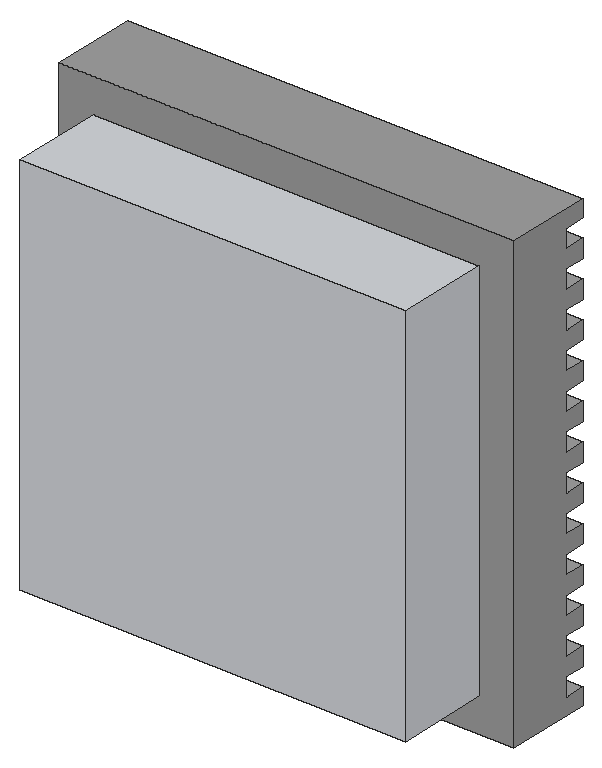
Revit family "BVN_BPP", category Mechanical Equipment, host Wall, Revit 2019
Family settings
  Host = Wall
  Round Connector Dimension = Use Diameter
  Part Type = Normal
  Always vertical = Yes
  Cut with Voids When Loaded = No
  Shared = No
  Room Calculation Point = No
Parameters (values of type "BPP 30")
  b = ED * 0.75  # 56.25 mm
  Weight = 3.20 kg
  Voltage = 230 V
  URL = "http://www.bahcivanmotor.com.tr/index.php"
  Speed(d/d) = 1100
  Sound Pressure = 44
  Protection Class = 20
  Pieces In Box = 5
  Insulation Class = "B"
  C' = C / 3  # 100 mm
  C = 300 mm
  Power = 40 W
  Model = "EF"
  Menfez = A - 30 mm  # 365 mm
  Material Fan = none
  Material Cover = Default
  Manufacturer = "http://www.bahcivanmotor.com.tr/iletisim.php"
  Frequency = 50 Hz
  E = 155 mm
  F = 335 mm
  Description = "Plastic Fan"
  F' = F  # 335 mm
  Current = 0.19 A
  D = 80 mm
  ED = E - D  # 75 mm
  B = 395 mm
  Air Flow = 1100.00 m³/h
  A = 395 mm
Types (4, lengths in mm): name | b | Weight | Speed(d/d) | Sound Pressure | C' | C | Power | Menfez | Material Fan | Material Cover | E | F | F' | Current | D | ED | B | Air Flow | A
  BPP 15 | 48.75 | 1.80 kg | 1620 | 40 | 53.333 | 160 | 25 W | 205 | Stainless Steel | Stainless Steel | 130 | 190 | 190 | 0.1 A | 65 | 65 | 235 | 360.00 m³/h | 235
  BPP 20 | 56.25 | 2.60 kg | 1450 | 41 | 66.667 | 200 | 30 W | 260 | none | Default | 140 | 240 | 240 | 0.12 A | 65 | 75 | 290 | 580.00 m³/h | 290
  BPP 25 | 56.25 | 2.80 kg | 1375 | 43 | 83.333 | 250 | 35 W | 310 | none | Default | 145 | 290 | 290 | 0.15 A | 70 | 75 | 340 | 810.00 m³/h | 340
  BPP 30 | 56.25 | 3.20 kg | 1100 | 44 | 100 | 300 | 40 W | 365 | none | Default | 155 | 335 | 335 | 0.19 A | 80 | 75 | 395 | 1100.00 m³/h | 395
Reference planes
  plane 1 "Wall": y = 0
  plane 2 "Center (Left/Right)": x = 125
  plane 3 "Back": y = 75
  plane 4: z = 1822.081
  plane 5: x = -120
  plane 6: x = 370
  plane 7: z = 2004.581
  plane 8: z = 1639.581
  plane 9: y = -5
  plane 10: y = 150
  plane 11: y = 131.25
Forms (mm)
  Extrusion 1, solid, material "Default" <- "Material Cover"
    sketch origin (0, 75, 0) x (1, 0, 0) y (0, 0, 1)
      loop
        line (322.5, 2019.581) -> (-72.5, 2019.581) -> (-72.5, 1624.581) -> (322.5, 1624.581) -> (322.5, 2019.581)
    from -75 to 0
  Extrusion 2, solid, material <- "Material Fan"
    sketch origin (0, 150, 0) x (1, 0, 0) y (0, 0, 1)
      loop
        line (-42.5, 1989.581) -> (-42.5, 1654.581) -> (292.5, 1654.581) -> (292.5, 1989.581) -> (-42.5, 1989.581)
    from 75 to 155
  Extrusion 3, void
    sketch origin (0, 150, 0) x (1, 0, 0) y (0, 0, 1)
      loop
        circle (125, 1822.081) r 167.5
    from 0 to 200
  Extrusion 4, void
    sketch origin (0, 150, 0) x (-1, 0, 0) y (0, 0, 1)
      loop
        line (-370, 1941.103) -> (-370, 1925.233) -> (172.5, 1925.233) -> (172.5, 1941.103) -> (-370, 1941.103)
      loop
        line (-370, 1909.363) -> (-370, 1893.494) -> (172.5, 1893.494) -> (172.5, 1909.363) -> (-370, 1909.363)
      loop
        line (-370, 1877.624) -> (-370, 1861.755) -> (172.5, 1861.755) -> (172.5, 1877.624) -> (-370, 1877.624)
      loop
        line (-370, 1845.885) -> (-370, 1830.016) -> (172.5, 1830.016) -> (172.5, 1845.885) -> (-370, 1845.885)
      loop
        line (-370, 1814.146) -> (-370, 1798.276) -> (172.5, 1798.276) -> (172.5, 1814.146) -> (-370, 1814.146)
      loop
        line (-370, 1782.407) -> (-370, 1766.537) -> (172.5, 1766.537) -> (172.5, 1782.407) -> (-370, 1782.407)
      loop
        line (-370, 1750.668) -> (-370, 1734.798) -> (172.5, 1734.798) -> (172.5, 1750.668) -> (-370, 1750.668)
      loop
        line (-370, 1718.929) -> (-370, 1703.059) -> (172.5, 1703.059) -> (172.5, 1718.929) -> (-370, 1718.929)
      loop
        line (-370, 1972.842) -> (-370, 1956.972) -> (172.5, 1956.972) -> (172.5, 1972.842) -> (-370, 1972.842)
      loop
        line (-370, 1687.19) -> (-370, 1671.32) -> (172.5, 1671.32) -> (172.5, 1687.19) -> (-370, 1687.19)
      loop
        line (-370, 2004.581) -> (-370, 1988.711) -> (172.5, 1988.711) -> (172.5, 2004.581) -> (-370, 2004.581)
      loop
        line (-370, 1655.45) -> (-370, 1639.581) -> (172.5, 1639.581) -> (172.5, 1655.45) -> (-370, 1655.45)
    from 36.742 to -18.75
  Extrusion 5, void
    sketch origin (0, 150, 0) x (-1, 0, 0) y (0, 0, 1)
      loop
        circle (-125, 1822.081) r 150
      loop
        circle (-125, 1822.081) r 50
    from -72.177 to -18.75
Cuts and joins
  Extrusion 4, Extrusion 5 cuts Extrusion 1
  Extrusion 4, Extrusion 5 cuts Extrusion 2
Text (mm)
  text "Placement Side" at (-1848.837, 1116.779, 0), in view "Ref. Level"
  text "Placement side" at (0, 1409.804, 2854.306), in view "Left"
  text "Placement side" at (0, 499.811, 2980.732), in view "Right"
Dimensions and locks
  locked: plane 3 "Back" to host wall
  plane 4 to level = 1822.081 mm
  equal spacing: Extrusion 1 sketch curve, plane 2 "Center (Left/Right)", Extrusion 1 sketch curve
  equal spacing: Extrusion 1 sketch curve, plane 4, Extrusion 1 sketch curve
  "B": Extrusion 1 sketch curve to Extrusion 1 sketch curve
  "A": Extrusion 1 sketch curve to Extrusion 1 sketch curve
  locked: Extrusion 3 sketch curve to plane 4
  locked: Extrusion 3 sketch curve to plane 2 "Center (Left/Right)"
  equal spacing: plane 6, plane 2 "Center (Left/Right)", plane 5
  equal spacing: cut or joined group of Extrusion 1, Extrusion 4, Extrusion 5, cut or joined group of Extrusion 1, Extrusion 4, Extrusion 5, cut or joined group of Extrusion 1, Extrusion 4, Extrusion 5, cut or joined group of Extrusion 1, Extrusion 4, Extrusion 5, cut or joined group of Extrusion 1, Extrusion 4, Extrusion 5, cut or joined group of Extrusion 1, Extrusion 4, Extrusion 5, cut or joined group of Extrusion 1, Extrusion 4, Extrusion 5, cut or joined group of Extrusion 1, Extrusion 4, Extrusion 5, cut or joined group of Extrusion 1, Extrusion 4, Extrusion 5, cut or joined group of Extrusion 1, Extrusion 4, Extrusion 5, cut or joined group of Extrusion 1, Extrusion 4, Extrusion 5, cut or joined group of Extrusion 1, Extrusion 4, Extrusion 5, cut or joined group of Extrusion 1, Extrusion 4, Extrusion 5, cut or joined group of Extrusion 1, Extrusion 4, Extrusion 5, cut or joined group of Extrusion 1, Extrusion 4, Extrusion 5, cut or joined group of Extrusion 1, Extrusion 4, Extrusion 5, cut or joined group of Extrusion 1, Extrusion 4, Extrusion 5, cut or joined group of Extrusion 1, Extrusion 4, Extrusion 5, cut or joined group of Extrusion 1, Extrusion 4, Extrusion 5, cut or joined group of Extrusion 1, Extrusion 4, Extrusion 5, cut or joined group of Extrusion 1, Extrusion 4, Extrusion 5, cut or joined group of Extrusion 1, Extrusion 4, Extrusion 5, cut or joined group of Extrusion 1, Extrusion 4, Extrusion 5, cut or joined group of Extrusion 1, Extrusion 4, Extrusion 5
  "Menfez": plane 7 to plane 8
  equal spacing: plane 7, plane 4, plane 8
  equal spacing: cut or joined group of Extrusion 1, Extrusion 4, Extrusion 5, Extrusion 5 sketch curve, cut or joined group of Extrusion 1, Extrusion 4, Extrusion 5  (x2)
  "D": plane 9 to plane 3 "Back"
  "ED": plane 3 "Back" to plane 10
  "b": plane 3 "Back" to plane 11
  locked: plane 3 "Back" to cut or joined group of Extrusion 1, Extrusion 4, Extrusion 5 at 2.823
  equal spacing: Extrusion 2 sketch curve, plane 4, Extrusion 2 sketch curve
  equal spacing: Extrusion 2 sketch curve, plane 2 "Center (Left/Right)", Extrusion 2 sketch curve
  "F": Extrusion 2 sketch curve to Extrusion 2 sketch curve  (x2)
  "F'": diameter of Extrusion 3 sketch curve
  "C": diameter of Extrusion 5 sketch curve
  "C'": diameter of Extrusion 5 sketch curve
  aligned and locked: plane 1 "Wall" to host wall
  aligned and locked: plane 6 to Extrusion 4 sketch curve  (x8)
  aligned and locked: Extrusion 4 sketch curve to plane 6  (x4)
  aligned and locked: plane 8 to cut or joined group of Extrusion 1, Extrusion 4, Extrusion 5
  aligned and locked: cut or joined group of Extrusion 1, Extrusion 4, Extrusion 5 to plane 7
  aligned and locked: cut or joined group of Extrusion 2, Extrusion 4, Extrusion 5 to plane 3 "Back"
  aligned and locked: cut or joined group of Extrusion 2, Extrusion 4, Extrusion 5 to plane 9
  aligned and locked: plane 3 "Back" to cut or joined group of Extrusion 1, Extrusion 4, Extrusion 5
  aligned and locked: Extrusion 1 to plane 10
  aligned and locked: cut or joined group of Extrusion 1, Extrusion 4, Extrusion 5 to plane 11  (x2)
Automatic sketch dimensions
  Extrusion 1 to Extrusion 4 sketch curve = 15 mm
  Extrusion 4 sketch curve to Extrusion 4 sketch curve = 15.87 mm  (x23)
  Extrusion 4 sketch curve to Extrusion 4 sketch curve = 0 mm  (x11)
  Extrusion 4 sketch curve to Extrusion 1 = 100 mm
  Extrusion 5 sketch curve to Extrusion 5 sketch curve = 0 mm  (x2)
